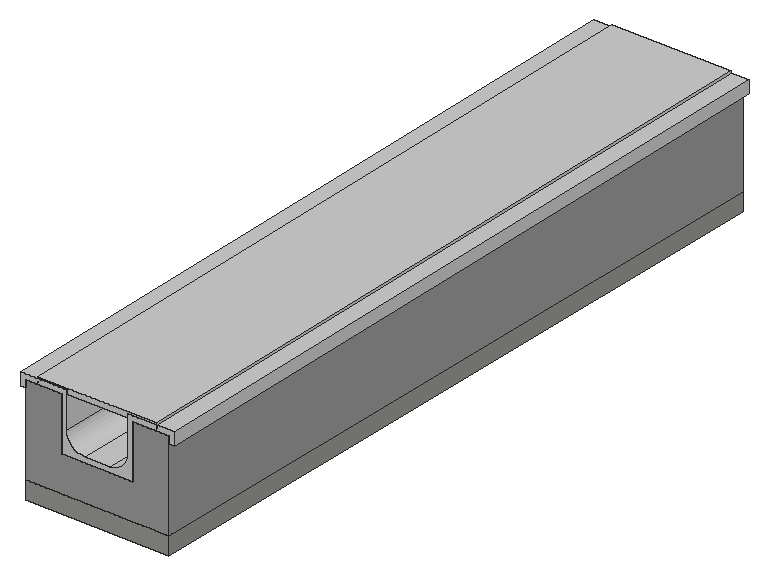
Revit family "排水溝", category 一般模型, Revit 2014
Parameters (values of type "排水溝40cm坡降1/100")
  隱藏排水溝蓋 [instance] = 排水溝蓋
  長 [instance] = 200.00 cm
  起始淨深 [instance] = 15.00 cm
  結束淨深 [instance] = 起始淨深 + 長 * 坡降  # 17.00 cm
  淨寬 = 寬 - 20.00 cm  # 20.00 cm
  寬 = 40.00 cm
  坡降 [instance] = 0.01
  半徑 = 5.00 cm
Types (2, lengths in cm): name | 淨寬 | 寬
  排水溝40cm坡降1/100 | 20.00 | 40.00
  排水溝50cm坡降1/100 | 30.00 | 50.00
Reference planes (cm)
  plane 1 "中心 (前/後)": y = 0
  plane 2: z = 0
  plane 3 "中心 (左/右)": x = 0
  plane 4: y = 200
  plane 5: z = -15
  plane 6: z = -17
Forms (cm)
  SweptBlend 1, solid, material "混凝土_4000psi_RC"
    path origin (0, 0, 0) x (1, 0, 0) y (0, 1, 0)
      loop
        line (0, 200) -> (0, 0)
    profile origin (0, 200, 0) x (1, 0, 0) y (0, 0, 1)
      loop
        line (0, 0) -> (0, -27) -> (40, -27) -> (40, 0) -> (30, 0) -> (30, -17) -> (10, -17) -> (10, 0) -> (0, 0)
    end profile origin (0, 0, 0) x (1, 0, 0) y (0, 0, 1)
      loop
        line (0, 0) -> (0, -25) -> (40, -25) -> (40, 0) -> (30, 0) -> (30, -15) -> (10, -15) -> (10, 0) -> (0, 0)
  SweptBlend 2, solid, material "混凝土_2000psi_PC"
    path origin (0, 0, 0) x (1, 0, 0) y (0, 1, 0)
      loop
        line (0, 200) -> (0, 0)
    profile origin (0, 200, 0) x (1, 0, 0) y (0, 0, 1)
      loop
        line (0, -27) -> (0, -32) -> (40, -32) -> (40, -27) -> (0, -27)
    end profile origin (0, 0, 0) x (1, 0, 0) y (0, 0, 1)
      loop
        line (0, -25) -> (0, -30) -> (40, -30) -> (40, -25) -> (0, -25)
  SweptBlend 3, solid, material "1比3水泥砂漿粉光"
    path origin (0, 0, 0) x (1, 0, 0) y (0, 1, 0)
      loop
        line (0, 200) -> (0, 0)
    profile origin (0, 200, 0) x (1, 0, 0) y (0, 0, 1)
      loop
        line (10, -17) -> (30, -17) -> (30, 0) -> (40, 0) -> (40, -2) -> (41.5, -2) -> (41.5, 1.5) -> (28.5, 1.5) -> (28.5, -10.5)
        arc (28.5, -10.5) -> (27.0355, -14.0355) -> (23.5, -15.5) r 5
        line (23.5, -15.5) -> (16.5, -15.5)
        arc (16.5, -15.5) -> (12.9645, -14.0355) -> (11.5, -10.5) r 5
        line (11.5, -10.5) -> (11.5, 1.5) -> (-1.5, 1.5) -> (-1.5, -2) -> (0, -2) -> (0, 0) -> (10, 0) -> (10, -17)
    end profile origin (0, 0, 0) x (1, 0, 0) y (0, 0, 1)
      loop
        line (11.5, 1.5) -> (-1.5, 1.5) -> (-1.5, -2) -> (0, -2) -> (0, 0) -> (10, 0) -> (10, -15) -> (30, -15) -> (30, 0) -> (40, 0) -> (40, -2) -> (41.5, -2) -> (41.5, 1.5) -> (28.5, 1.5) -> (28.5, -8.5)
        arc (28.5, -8.5) -> (27.0355, -12.0355) -> (23.5, -13.5) r 5
        line (23.5, -13.5) -> (16.5, -13.5)
        arc (16.5, -13.5) -> (12.9645, -12.0355) -> (11.5, -8.5) r 5
        line (11.5, -8.5) -> (11.5, 1.5)
  Extrusion 4, solid, material "排水溝蓋" <- "隱藏排水溝蓋"
    sketch origin (0, 0, 0) x (1, 0, 0) y (0, 1, 0)
      loop
        line (3.5, 200) -> (3.5, 0) -> (36.5, 0) -> (36.5, 200) -> (3.5, 200)
    from 0.5 to 2
Dimensions and locks (cm)
  "長": plane 4 to plane 1 "中心 (前/後)"
  "起始淨深": level to plane 5
  "結束淨深": level to plane 6
  "寬": SweptBlend 1 sketch curve to SweptBlend 1 sketch curve  (x2)
  locked: SweptBlend 1 sketch curve to SweptBlend 1 sketch curve at 10  (x6)
  locked: SweptBlend 2 sketch curve to SweptBlend 2 sketch curve at 5  (x2)
  locked: plane 5 to SweptBlend 2 sketch curve at 10
  "寬": SweptBlend 2 sketch curve to SweptBlend 2 sketch curve  (x2)
  locked: plane 6 to SweptBlend 2 sketch curve at 10
  "淨寬": SweptBlend 3 sketch curve to SweptBlend 3 sketch curve  (x2)
  locked: SweptBlend 3 sketch curve to SweptBlend 3 sketch curve at 1.5  (x5)
  locked: SweptBlend 1 to SweptBlend 3 sketch curve at 1.5
  locked: SweptBlend 3 to Extrusion 4 sketch curve at 5
  locked: Extrusion 4 sketch curve to SweptBlend 3 at 5
  "半徑": radius of SweptBlend 3 sketch curve  (x4)
  aligned and locked: level to plane 2
  aligned and locked: plane 4 to SweptBlend 1 sketch curve
  aligned and locked: plane 1 "中心 (前/後)" to SweptBlend 1 sketch curve
  aligned and locked: plane 6 to SweptBlend 1 sketch curve
  aligned and locked: plane 5 to SweptBlend 1 sketch curve
  aligned and locked: plane 4 to SweptBlend 2 sketch curve
  aligned and locked: plane 1 "中心 (前/後)" to SweptBlend 2 sketch curve
  aligned and locked: plane 6 to SweptBlend 3 sketch curve
  aligned and locked: SweptBlend 3 sketch curve to plane 5
  aligned and locked: Extrusion 4 sketch curve to plane 4
  aligned and locked: Extrusion 4 sketch curve to plane 1 "中心 (前/後)"
Automatic sketch dimensions
  SweptBlend 1 sketch curve to plane 3 "中心 (左/右)" = 0.00 cm
  SweptBlend 2 sketch curve to plane 3 "中心 (左/右)" = 0.00 cm
  SweptBlend 3 sketch curve to plane 3 "中心 (左/右)" = 0.00 cm
  SweptBlend 3 sketch curve to plane 1 "中心 (前/後)" = 0.00 cm
  SweptBlend 3 sketch curve to plane 4 = 0.00 cm
  SweptBlend 1 sketch curve to level = 0.00 cm  (x4)
  profile plane to SweptBlend 1 sketch curve = 0.00 cm  (x2)
  profile plane to SweptBlend 2 sketch curve = 0.00 cm  (x2)
  profile plane to SweptBlend 3 sketch curve = 0.00 cm  (x2)
  SweptBlend 3 sketch curve to profile plane = 0.00 cm  (x4)
  profile plane to SweptBlend 3 sketch curve = 1.50 cm  (x6)
  SweptBlend 3 sketch curve to SweptBlend 3 sketch curve = 1.50 cm  (x3)
  SweptBlend 3 sketch curve to SweptBlend 3 sketch curve = 10.00 cm  (x2)
  SweptBlend 3 sketch curve to profile plane = 2.00 cm  (x4)
  SweptBlend 3 sketch curve to profile plane = 10.00 cm
